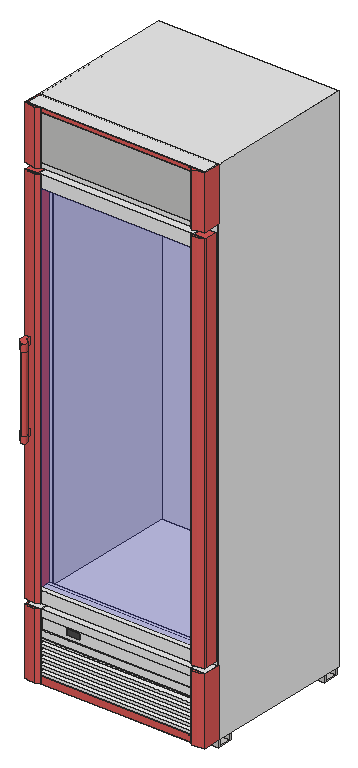
Revit family "QF_Turbo Air_TGF-15SD7251ca0a-3f40-4bdd-8ef8-a84e533e10a6", category Specialty Equipment, Revit 2012
Parameters (values of type "White - Wine")
  Width = 2' - 2 3/8"  # constant formula
  Weight in Pounds = 313  # constant formula
  Watermarked By = "http://revitwatermark.com"
  Volts = 115 V
  URL Cutsheet = ""
  URL = "www.turboairinc.com"
  Status [instance] = ""
  Specification by User [instance] = ""
  Specification by Manufacturer [instance] = ""
  Sign Material [instance] = QF_Finishes_Turbo Air Image
  Serial Number [instance] = ""
  Revision Code [instance] = ""
  Phase = 1
  Number of Poles [instance] = 1
  NAFEM Spec ID Number [instance] = ""
  Model = "TGF-15SDV"
  Masterspec [instance] = ""
  Manufacturer = "Turbo Air"  # constant formula
  Lower Door Frame Material = QF_Finishes_White
  Lower Cowl Frame Material = QF_Finishes_Anodized - Red
  Legs [instance] = not(Casters)  # yes
  Item Number [instance] = "-"
  Installed By [instance] = ""
  HP = "1/2"
  Furnished By [instance] = ""
  Foodservice Equipment Identifier = yes
  FL Amps = 7.5 A
  Electrical Remarks [instance] = ""
  Electric Connection Type [instance] = ""
  Elec Conn RI Height [instance] = 0' - 0"
  Elec Conn Connection Height [instance] = if(Casters, 0' 11", 0' 6")  # 0' - 6"
  Door Material = QF_Finishes_Anodized - Red
  Description = "Freezer Merchandiser"
  Depth = 2' - 0 3/8"  # constant formula
  Cycle = 60 Hz
  Conn Plug = "NEMA 5-15P"
  CasterLeg Height [instance] = if(Casters, 0' 5", 0' 0 1/2")  # 0' - 0 1/2"
  CSI MasterFormat = "11 41 13"
  Body Material = QF_Finishes_White
  Assembly Code = "E1090320"
  Apparent Power = if(Phase = 3, Volts * FL Amps * 1.73, Volts * FL Amps)  # 862.5 VA
  Casters [instance] = no
Types (4): name | Model | Lower Door Frame Material | Lower Cowl Frame Material | Door Material | Body Material
  (no name) | "TGF-15SDV" | QF_Finishes_White | QF_Finishes_Anodized - Red | QF_Finishes_Anodized - Red | QF_Finishes_White
  Black | "TGF-15SDB" | QF_Finishes_Black | QF_Finishes_Black | QF_Finishes_Black | QF_Finishes_Black
  White | "TGF-15SDW" | QF_Finishes_White | QF_Finishes_White | QF_Finishes_White | QF_Finishes_White
  White - Wine | "TGF-15SDV" | QF_Finishes_White | QF_Finishes_Anodized - Red | QF_Finishes_Anodized - Red | QF_Finishes_White
Reference planes (in)
  plane 1: z = 0
  plane 2 "LEFT": x = -20.72594
  plane 3 "RIGHT": x = 5.64906
  plane 4 "FRONT": y = -29.375
  plane 5 "BACK": y = -2.75
  plane 6 "Front of Door": y = -27.125
  plane 7 "Top of Door": z = 68.5
  plane 8 "Top of Lower Cowl": z = 11.375
  plane 9 "Front of Box": y = -24.75
  plane 10 "Bottom of Door": z = 12.125
  plane 11 "Bottom of Lower Cowl": z = 1.625
  plane 12 "Left of Vents": x = -18.53844
  plane 13 "Right of Vents": x = 3.46156
  plane 14 "Bottom": z = 0.5
  plane 15 "TOP": z = 77.25
  plane 16 "Bottom of Top Display": z = 69.375
Forms (in)
  Extrusion 1, solid, material "QF_Finishes_White" <- "Body Material"
    sketch origin (0, -2.75, 0) x (1, 0, 0) y (0, 0, 1)
      loop
        line (-20.72594, 1.625) -> (5.64906, 1.625) -> (5.64906, 77.25) -> (-20.72594, 77.25) -> (-20.72594, 1.625)
      loop
        line (-20.60094, 77.125) -> (-20.60094, 1.75) -> (5.52406, 1.75) -> (5.52406, 77.125) -> (-20.60094, 77.125)
    from 0 to 22
  Extrusion 2, solid, material "QF_Finishes_White" <- "Body Material"
    sketch origin (0, -2.75, 0) x (1, 0, 0) y (0, 0, 1)
      loop
        line (-20.60094, 77.125) -> (-20.60094, 1.75) -> (5.52406, 1.75) -> (5.52406, 77.125) -> (-20.60094, 77.125)
    from 0 to 0.125
  Extrusion 3, solid, material "QF_Finishes_White" <- "Body Material"
    sketch origin (0, -24.75, 0) x (1, 0, 0) y (0, 0, 1)
      loop
        line (-18.72594, 66.5) -> (-18.72594, 13.375) -> (3.64906, 13.375) -> (3.64906, 66.5) -> (-18.72594, 66.5)
      loop
        line (-20.60094, 77.125) -> (-20.60094, 1.75) -> (5.52406, 1.75) -> (5.52406, 77.125) -> (-20.60094, 77.125)
      loop
        line (3.46156, 11.375) -> (-18.53844, 11.375) -> (-18.53844, 2.625) -> (3.46156, 2.625) -> (3.46156, 11.375)
    from 0 to -0.125
  Extrusion 4, solid, material "QF_Finishes_White"
    sketch origin (-20.72594, 0, 0) x (0, 1, 0) y (0, 0, 1)
      loop
        line (-24.625, 11.5) -> (-2.875, 11.5) -> (-2.875, 77.125) -> (-24.625, 77.125) -> (-24.625, 66.5) -> (-22.75, 66.5) -> (-22.75, 75.25) -> (-4.75, 75.25) -> (-4.75, 13.375) -> (-24.625, 13.375) -> (-24.625, 11.5)
    from 0.125 to 26.25
  Extrusion 5, solid, material "QF_Finishes_White"
    sketch origin (-20.72594, 0, 0) x (0, 1, 0) y (0, 0, 1)
      loop
        line (-24.625, 13.375) -> (-4.75, 13.375) -> (-4.75, 75.25) -> (-22.75, 75.25) -> (-22.75, 66.5) -> (-24.625, 66.5) -> (-24.625, 13.375)
    from 0.125 to 2
  Extrusion 6, solid, material "QF_Finishes_White"
    sketch origin (5.64906, 0, 0) x (0, 1, 0) y (0, 0, 1)
      loop
        line (-24.625, 13.375) -> (-4.75, 13.375) -> (-4.75, 75.25) -> (-22.75, 75.25) -> (-22.75, 66.5) -> (-24.625, 66.5) -> (-24.625, 13.375)
    from -0.125 to -2
  Extrusion 7, solid, material "QF_Finishes_Black"
    sketch origin (0, -24.75, 0) x (1, 0, 0) y (0, 0, 1)
      loop
        line (-19.41344, 67.1875) -> (-19.41344, 12.6875) -> (4.33656, 12.6875) -> (4.33656, 67.1875) -> (-19.41344, 67.1875)
      loop
        line (-19.53844, 67.3125) -> (-19.53844, 12.5625) -> (4.46156, 12.5625) -> (4.46156, 67.3125) -> (-19.53844, 67.3125)
    from 0 to 0.4375
  Extrusion 8, solid, material "QF_Finishes_White" <- "Body Material"
    sketch origin (0, -2.75, 0) x (1, 0, 0) y (0, 0, 1)
      loop
        circle (-7.53844, 6) r 0.25
    from 0 to -0.0625
  Extrusion 9, solid, material "QF_Finishes_Anodized - Red" <- "Door Material"
    sketch origin (0, 0, 1.625) x (0, 1, 0) y (-1, 0, 0)
      loop
        line (-24.75, 20.72594) -> (-27.25, 20.72594)
        arc (-27.25, 20.72594) -> (-27.46771, 19.92526) -> (-27.5625, 19.10094) r 5.5
        line (-27.5625, 19.10094) -> (-27.1875, 18.53844) -> (-27.125, 18.53844) -> (-27.125, 20.60094) -> (-24.75, 20.60094) -> (-24.75, 20.72594)
    from 0 to 9.75
  Extrusion 10, solid, material "QF_Finishes_Anodized - Red" <- "Door Material"
    sketch origin (25.75, 0, 1.625) x (0, 1, 0) y (-1, 0, 0)
      loop
        line (-24.75, 20.10094) -> (-24.75, 20.22594) -> (-27.125, 20.22594) -> (-27.125, 22.28844) -> (-27.1875, 22.28844) -> (-27.5625, 21.72594)
        arc (-27.5625, 21.72594) -> (-27.46771, 20.90162) -> (-27.25, 20.10094) r 5.5
        line (-27.25, 20.10094) -> (-24.75, 20.10094)
    from 0 to 9.75
  Extrusion 11, solid, material "QF_Finishes_White" <- "Body Material"
    sketch origin (0, -24.75, 0) x (1, 0, 0) y (0, 0, 1)
      loop
        line (-18.53844, 11.375) -> (-18.53844, 10.375) -> (3.46156, 10.375) -> (3.46156, 11.375) -> (-18.53844, 11.375)
      loop
        line (-18.53844, 8.6875) -> (-18.53844, 7.6875) -> (3.46156, 7.6875) -> (3.46156, 8.6875) -> (-18.53844, 8.6875)
    from 0 to 2.375
  Extrusion 12, solid, material "QF_Finishes_White" <- "Body Material"
    sketch origin (0, -24.75, 0) x (1, 0, 0) y (0, 0, 1)
      loop
        line (-18.53844, 10.375) -> (-18.53844, 8.6875) -> (3.46156, 8.6875) -> (3.46156, 10.375) -> (-18.53844, 10.375)
      loop
        line (-14.97594, 9.125) -> (-13.03844, 9.125) -> (-13.03844, 9.9375) -> (-14.97594, 9.9375) -> (-14.97594, 9.125)
    from 0 to 2.125
  Extrusion 13, solid, material "QF_Finishes_Black"
    sketch origin (0, -24.75, 0) x (1, 0, 0) y (0, 0, 1)
      loop
        line (-14.97594, 9.9375) -> (-14.97594, 9.125) -> (-13.03844, 9.125) -> (-13.03844, 9.9375) -> (-14.97594, 9.9375)
    from 0 to 2.125
  Extrusion 14, solid, material "QF_Finishes_White" <- "Body Material"
    sketch origin (0, -24.75, 0) x (1, 0, 0) y (0, 0, 1)
      loop
        line (-20.60094, 11.375) -> (-20.60094, 1.625) -> (5.52406, 1.625) -> (5.52406, 11.375) -> (3.46156, 11.375) -> (3.46156, 2.625) -> (-18.53844, 2.625) -> (-18.53844, 11.375) -> (-20.60094, 11.375)
    from 0 to 2.375
  Extrusion 15, solid, material "QF_Finishes_Anodized - Red" <- "Lower Cowl Frame Material"
    sketch origin (0, -27.125, 0) x (1, 0, 0) y (0, 0, 1)
      loop
        line (-18.53844, 2.625) -> (-18.53844, 1.625) -> (3.46156, 1.625) -> (3.46156, 2.625) -> (-18.53844, 2.625)
    from 0 to 0.0625
  Extrusion 16, solid, material "QF_Finishes_White" <- "Body Material"
    sketch origin (-18.53844, 0, 0) x (0, 1, 0) y (0, 0, 1)
      loop
        line (-27.125, 2.6875) -> (-27, 2.6875) -> (-27, 3.01072) -> (-26.47411, 3.53661) -> (-26.5625, 3.625) -> (-27.125, 3.0625) -> (-27.125, 2.6875)
      loop
        line (-27.125, 3.625) -> (-27, 3.75) -> (-27, 3.94822) -> (-26.47411, 4.47411) -> (-26.5625, 4.5625) -> (-27.125, 4) -> (-27.125, 3.625)
      loop
        line (-27.125, 4.5625) -> (-27, 4.6875) -> (-27, 4.88572) -> (-26.47411, 5.41161) -> (-26.5625, 5.5) -> (-27.125, 4.9375) -> (-27.125, 4.5625)
      loop
        line (-27.125, 5.5) -> (-27, 5.625) -> (-27, 5.82322) -> (-26.47411, 6.34911) -> (-26.5625, 6.4375) -> (-27.125, 5.875) -> (-27.125, 5.5)
      loop
        line (-27.125, 6.4375) -> (-27, 6.5625) -> (-27, 6.76072) -> (-26.47411, 7.28661) -> (-26.47411, 7.625) -> (-27.125, 7.625) -> (-27.125, 7.375) -> (-26.5625, 7.375) -> (-27.125, 6.8125) -> (-27.125, 6.4375)
    from 0 to 22
  Extrusion 17, solid, material "QF_Finishes_Stainless Steel"
    sketch origin (-20.72594, 0, 0) x (0, 1, 0) y (0, 0, 1)
      loop
        line (-24.5625, 1.625) -> (-24.5625, 0.5) -> (-22.375, 0.5) -> (-22.375, 1.625) -> (-22.5, 1.625) -> (-22.5, 0.625) -> (-24.4375, 0.625) -> (-24.4375, 1.625) -> (-24.5625, 1.625)
      loop
        line (-5.125, 1.625) -> (-5.125, 0.5) -> (-2.9375, 0.5) -> (-2.9375, 1.625) -> (-3.0625, 1.625) -> (-3.0625, 0.625) -> (-5, 0.625) -> (-5, 1.625) -> (-5.125, 1.625)
    from 0.125 to 26.25
  Extrusion 18, solid, material "QF_Finishes_Stainless Steel", visible <- "Legs"
    sketch origin (0, 0, 0) x (1, 0, 0) y (0, 1, 0)
      loop
        circle (-18.41344, -4.03125) r 0.5625
      loop
        circle (-18.41344, -23.46875) r 0.5625
    from 0 to 0.5
  Extrusion 19, solid, material "QF_Finishes_Stainless Steel", visible <- "Legs"
    sketch origin (23.4375, 0, 0) x (1, 0, 0) y (0, 1, 0)
      loop
        circle (-20.10094, -4.03125) r 0.5625
      loop
        circle (-20.10094, -23.46875) r 0.5625
    from 0 to 0.5
  Extrusion 20, solid, material "QF_Finishes_Anodized - Red" <- "Door Material"
    sketch origin (0, 0, 69.375) x (0, 1, 0) y (-1, 0, 0)
      loop
        line (-24.75, 20.72594) -> (-27.25, 20.72594)
        arc (-27.25, 20.72594) -> (-27.46771, 19.92526) -> (-27.5625, 19.10094) r 5.5
        line (-27.5625, 19.10094) -> (-27.1875, 18.53844) -> (-27.125, 18.53844) -> (-27.125, 20.60094) -> (-24.75, 20.60094) -> (-24.75, 20.72594)
    from 0 to 7.875
  Extrusion 21, solid, material "QF_Finishes_Anodized - Red" <- "Door Material"
    sketch origin (0, 0, 69.375) x (0, 1, 0) y (-1, 0, 0)
      loop
        line (-24.75, -5.64906) -> (-24.75, -5.52406) -> (-27.125, -5.52406) -> (-27.125, -3.46156) -> (-27.1875, -3.46156) -> (-27.5625, -4.02406)
        arc (-27.5625, -4.02406) -> (-27.46771, -4.84838) -> (-27.25, -5.64906) r 5.5
        line (-27.25, -5.64906) -> (-24.75, -5.64906)
    from 0 to 7.875
  Extrusion 22, solid, material "QF_Finishes_White" <- "Body Material"
    sketch origin (0, -24.75, 80) x (1, 0, 0) y (0, 0, 1)
      loop
        line (-20.60094, -2.75) -> (-20.60094, -10.625) -> (5.52406, -10.625) -> (5.52406, -2.75) -> (-20.60094, -2.75)
      loop
        line (3.46156, -3.3125) -> (-18.53844, -3.3125) -> (-18.53844, -10.0625) -> (3.46156, -10.0625) -> (3.46156, -3.3125)
    from 0 to 2.375
  Extrusion 23, solid, material "QF_Finishes_Anodized - Red" <- "Lower Cowl Frame Material"
    sketch origin (0, -27.125, 78) x (1, 0, 0) y (0, 0, 1)
      loop
        line (-18.53844, -0.75) -> (-18.53844, -1.3125) -> (3.46156, -1.3125) -> (3.46156, -0.75) -> (-18.53844, -0.75)
    from 0 to 0.0625
  Extrusion 24, solid, material "QF_Finishes_Turbo Air Image" <- "Sign Material"
    sketch origin (0, -24.75, 0) x (1, 0, 0) y (0, 0, 1)
      loop
        line (-18.53844, 76.6875) -> (-18.53844, 69.9375) -> (3.46156, 69.9375) -> (3.46156, 76.6875) -> (-18.53844, 76.6875)
    from 0 to 2.375
Lines and regions (in)
  symbolic lines
    curve 1: line (-20.72594, -2.75, 0) -> (5.64906, -2.75, 0)
    curve 2: line (-20.72594, -24.75, 0) -> (-20.72594, -2.75, 0)
    curve 3: line (5.64906, -24.75, 0) -> (-20.72594, -24.75, 0)
    curve 4: line (5.64906, -2.75, 0) -> (5.64906, -24.75, 0)
    curve 5: line (-19.53844, -24.75, 0) -> (-19.53844, -25.1875, 0)
    curve 6: line (4.46156, -25.1875, 0) -> (4.46156, -24.75, 0)
  symbolic lines, style "QF_Clearances", detail levels coarse
    curve 7: line (5.64906, -53.5, 0) -> (5.64906, -27.125, 0)
    curve 8: arc (-20.72594, -27.125, 0) -> (-13.00088, -45.77494, 0) -> (5.64906, -53.5, 0) r 26.375
Dimensions and locks (in)
  "Width": plane 3 "RIGHT" to plane 2 "LEFT"
  "Depth": plane 6 "Front of Door" to plane 5 "BACK"
  locked: plane 4 "FRONT" to plane 6 "Front of Door" at 2.25
  locked: plane 6 "Front of Door" to plane 9 "Front of Box" at 2.375
  locked: Extrusion 1 sketch curve to plane 2 "LEFT" at 0.125
  locked: Extrusion 1 sketch curve to plane 3 "RIGHT" at 0.125
  locked: Extrusion 3 sketch curve to plane 2 "LEFT" at 2
  locked: plane 7 "Top of Door" to Extrusion 3 sketch curve at 2
  locked: Extrusion 3 sketch curve to plane 3 "RIGHT" at 2
  locked: Extrusion 3 sketch curve to plane 8 "Top of Lower Cowl" at 2
  locked: plane 9 "Front of Box" to Extrusion 4 sketch curve at 0.125  (x2)
  locked: Extrusion 4 sketch curve to plane 5 "BACK" at 0.125
  locked: plane 8 "Top of Lower Cowl" to Extrusion 4 sketch curve at 0.125
  locked: Extrusion 4 sketch curve to Extrusion 4 sketch curve at 1.875  (x4)
  locked: plane 9 "Front of Box" to Extrusion 5 sketch curve at 0.125
  locked: plane 7 "Top of Door" to Extrusion 5 sketch curve at 2
  locked: Extrusion 5 sketch curve to plane 5 "BACK" at 2
  locked: plane 8 "Top of Lower Cowl" to Extrusion 5 sketch curve at 2
  locked: plane 7 "Top of Door" to Extrusion 6 sketch curve at 2
  locked: plane 8 "Top of Lower Cowl" to Extrusion 6 sketch curve at 2
  locked: Extrusion 6 sketch curve to plane 5 "BACK" at 2
  locked: plane 9 "Front of Box" to Extrusion 6 sketch curve at 0.125
  locked: Extrusion 7 sketch curve to Extrusion 7 sketch curve at 0.125  (x4)
  locked: Extrusion 7 sketch curve to plane 8 "Top of Lower Cowl" at 1.1875
  locked: Extrusion 7 sketch curve to plane 2 "LEFT" at 1.1875
  locked: plane 7 "Top of Door" to Extrusion 7 sketch curve at 1.1875
  locked: Extrusion 7 sketch curve to plane 3 "RIGHT" at 1.1875
  locked: plane 10 "Bottom of Door" to plane 8 "Top of Lower Cowl" at 0.75
  locked: plane 8 "Top of Lower Cowl" to plane 11 "Bottom of Lower Cowl" at 9.75
  locked: Extrusion 1 sketch curve to plane 11 "Bottom of Lower Cowl" at 0.125
  locked: plane 2 "LEFT" to plane 12 "Left of Vents" at 2.1875
  locked: plane 13 "Right of Vents" to plane 3 "RIGHT" at 2.1875
  locked: Extrusion 9 sketch curve to plane 6 "Front of Door" at 0.0625
  locked: Extrusion 9 sketch curve to plane 6 "Front of Door" at 0.125
  locked: Extrusion 9 sketch curve to plane 6 "Front of Door" at 0.4375
  locked: plane 2 "LEFT" to Extrusion 9 sketch curve at 1.625
  locked: Extrusion 10 sketch curve to plane 6 "Front of Door" at 0.125
  locked: Extrusion 10 sketch curve to plane 6 "Front of Door" at 0.0625
  locked: Extrusion 10 sketch curve to plane 6 "Front of Door" at 0.4375
  locked: Extrusion 10 sketch curve to plane 3 "RIGHT" at 1.625
  locked: plane 8 "Top of Lower Cowl" to Extrusion 11 sketch curve at 1
  locked: Extrusion 11 sketch curve to Extrusion 11 sketch curve at 1.6875
  locked: Extrusion 11 sketch curve to Extrusion 11 sketch curve at 1
  locked: plane 8 "Top of Lower Cowl" to Extrusion 12 sketch curve at 1
  locked: Extrusion 12 sketch curve to Extrusion 12 sketch curve at 1.6875
  locked: Extrusion 12 sketch curve to Extrusion 12 sketch curve at 0.4375
  locked: Extrusion 12 sketch curve to Extrusion 12 sketch curve at 0.8125
  locked: Extrusion 12 sketch curve to plane 12 "Left of Vents" at 3.5625
  locked: Extrusion 12 sketch curve to Extrusion 12 sketch curve at 1.9375
  locked: plane 8 "Top of Lower Cowl" to Extrusion 13 sketch curve at 1.4375
  locked: Extrusion 13 sketch curve to Extrusion 13 sketch curve at 0.8125
  locked: Extrusion 13 sketch curve to plane 12 "Left of Vents" at 3.5625
  locked: Extrusion 13 sketch curve to Extrusion 13 sketch curve at 1.9375
  locked: Extrusion 3 sketch curve to plane 11 "Bottom of Lower Cowl" at 0.125
  locked: Extrusion 3 sketch curve to plane 11 "Bottom of Lower Cowl" at 1
  locked: Extrusion 14 sketch curve to plane 11 "Bottom of Lower Cowl" at 1
  locked: Extrusion 15 sketch curve to plane 11 "Bottom of Lower Cowl" at 1
  locked: plane 2 "LEFT" to Extrusion 14 sketch curve at 0.125
  locked: plane 3 "RIGHT" to Extrusion 14 sketch curve at 0.125
  locked: plane 2 "LEFT" to Extrusion 9 sketch curve at 0.125
  locked: Extrusion 10 sketch curve to plane 3 "RIGHT" at 0.125
  locked: plane 11 "Bottom of Lower Cowl" to plane 14 "Bottom" at 1.125
  "CasterLeg Height": plane 14 "Bottom" to level
  locked: plane 7 "Top of Door" to plane 10 "Bottom of Door" at 56.375
  locked: Extrusion 17 sketch curve to Extrusion 17 sketch curve at 0.125  (x4)
  locked: plane 9 "Front of Box" to Extrusion 17 sketch curve at 0.1875
  locked: plane 14 "Bottom" to Extrusion 17 sketch curve at 0.125  (x2)
  locked: Extrusion 17 sketch curve to plane 5 "BACK" at 0.1875
  locked: Extrusion 17 sketch curve to Extrusion 17 sketch curve at 1.9375  (x2)
  locked: plane 2 "LEFT" to Extrusion 17 at 0.125
  locked: plane 3 "RIGHT" to Extrusion 17 at 0.125
  locked: Extrusion 18 sketch curve to plane 5 "BACK" at 1.28125
  locked: plane 2 "LEFT" to Extrusion 18 sketch curve at 2.3125  (x2)
  locked: plane 9 "Front of Box" to Extrusion 18 sketch curve at 1.28125
  locked: Extrusion 19 sketch curve to plane 5 "BACK" at 1.28125
  locked: Extrusion 19 sketch curve to plane 3 "RIGHT" at 2.3125  (x2)
  locked: plane 9 "Front of Box" to Extrusion 19 sketch curve at 1.28125
  locked: plane 2 "LEFT" to nested 2 at 2.3125
  locked: nested 2 to plane 5 "BACK" at 1.28125
  locked: nested 3 to plane 5 "BACK" at 1.28125
  locked: nested 3 to plane 3 "RIGHT" at 2.3125
  locked: plane 9 "Front of Box" to nested 4 at 1.28125
  locked: plane 2 "LEFT" to nested 4 at 2.3125
  locked: nested 5 to plane 3 "RIGHT" at 2.3125
  locked: plane 9 "Front of Box" to nested 5 at 1.28125
  equal spacing: plane 3 "RIGHT", Extrusion 8 sketch curve, plane 2 "LEFT"
  locked: Extrusion 8 sketch curve to plane 14 "Bottom" at 5.5
  locked: plane 15 "TOP" to plane 16 "Bottom of Top Display" at 7.875
  locked: plane 16 "Bottom of Top Display" to plane 7 "Top of Door" at 0.875
  locked: plane 15 "TOP" to Extrusion 1 sketch curve at 0.125
  locked: Extrusion 4 sketch curve to plane 15 "TOP" at 0.125
  locked: Extrusion 4 sketch curve to plane 7 "Top of Door" at 2
  locked: plane 9 "Front of Box" to Extrusion 6 sketch curve at 2
  locked: Extrusion 6 sketch curve to plane 15 "TOP" at 2
  locked: plane 9 "Front of Box" to Extrusion 5 sketch curve at 2
  locked: plane 15 "TOP" to Extrusion 5 sketch curve at 2
  locked: Extrusion 22 sketch curve to plane 16 "Bottom of Top Display" at 0.5625
  locked: plane 15 "TOP" to Extrusion 22 sketch curve at 0.5625
  locked: plane 2 "LEFT" to Extrusion 22 sketch curve at 0.125
  locked: plane 3 "RIGHT" to Extrusion 22 sketch curve at 0.125
  locked: plane 15 "TOP" to Extrusion 23 sketch curve at 0.5625
  locked: plane 15 "TOP" to Extrusion 24 sketch curve at 0.5625
  locked: Extrusion 24 sketch curve to plane 16 "Bottom of Top Display" at 0.5625
  aligned and locked: level to plane 1
  aligned and locked: Extrusion 1 sketch curve to plane 3 "RIGHT"
  aligned and locked: plane 2 "LEFT" to Extrusion 1 sketch curve
  aligned and locked: plane 9 "Front of Box" to Extrusion 1
  aligned and locked: Extrusion 2 sketch curve to Extrusion 1  (x2)
  aligned and locked: Extrusion 3 sketch curve to Extrusion 1  (x2)
  aligned and locked: Extrusion 4 to Extrusion 1  (x2)
  aligned and locked: Extrusion 5 to Extrusion 1
  aligned and locked: Extrusion 1 to Extrusion 6
  aligned and locked: plane 2 "LEFT" to nested 1
  aligned and locked: plane 3 "RIGHT" to nested 1
  aligned and locked: plane 5 "BACK" to curve 1
  aligned and locked: plane 2 "LEFT" to curve 2
  aligned and locked: curve 3 to plane 9 "Front of Box"
  aligned and locked: curve 4 to plane 3 "RIGHT"
  aligned and locked: curve 5 to Extrusion 7
  aligned and locked: curve 6 to Extrusion 7
  aligned and locked: nested 1 to plane 10 "Bottom of Door"
  aligned and locked: plane 11 "Bottom of Lower Cowl" to Extrusion 1 sketch curve
  aligned and locked: Extrusion 9 sketch curve to plane 2 "LEFT"
  aligned and locked: plane 6 "Front of Door" to Extrusion 9 sketch curve
  aligned and locked: Extrusion 9 sketch curve to plane 12 "Left of Vents"
  aligned and locked: Extrusion 10 sketch curve to plane 3 "RIGHT"
  aligned and locked: Extrusion 10 sketch curve to plane 6 "Front of Door"
  aligned and locked: Extrusion 10 sketch curve to plane 13 "Right of Vents"
  aligned and locked: plane 8 "Top of Lower Cowl" to Extrusion 9
  aligned and locked: plane 8 "Top of Lower Cowl" to Extrusion 10
  aligned and locked: plane 8 "Top of Lower Cowl" to Extrusion 11 sketch curve
  aligned and locked: Extrusion 11 sketch curve to plane 12 "Left of Vents"
  aligned and locked: plane 12 "Left of Vents" to Extrusion 11 sketch curve
  aligned and locked: Extrusion 11 sketch curve to plane 13 "Right of Vents"
  aligned and locked: plane 13 "Right of Vents" to Extrusion 11 sketch curve
  aligned and locked: plane 6 "Front of Door" to Extrusion 11
  aligned and locked: plane 12 "Left of Vents" to Extrusion 12 sketch curve
  aligned and locked: Extrusion 12 sketch curve to plane 13 "Right of Vents"
  aligned and locked: plane 8 "Top of Lower Cowl" to Extrusion 3 sketch curve
  aligned and locked: Extrusion 3 sketch curve to plane 12 "Left of Vents"
  aligned and locked: Extrusion 3 sketch curve to plane 13 "Right of Vents"
  aligned and locked: plane 8 "Top of Lower Cowl" to Extrusion 14 sketch curve  (x2)
  aligned and locked: Extrusion 14 sketch curve to plane 11 "Bottom of Lower Cowl"
  aligned and locked: Extrusion 14 sketch curve to plane 13 "Right of Vents"
  aligned and locked: plane 6 "Front of Door" to Extrusion 14
  aligned and locked: plane 11 "Bottom of Lower Cowl" to Extrusion 15 sketch curve
  aligned and locked: plane 12 "Left of Vents" to Extrusion 15 sketch curve
  aligned and locked: Extrusion 15 sketch curve to plane 13 "Right of Vents"
  aligned and locked: plane 13 "Right of Vents" to Extrusion 16
  aligned and locked: plane 9 "Front of Box" to Extrusion 9 sketch curve
  aligned and locked: plane 9 "Front of Box" to Extrusion 10 sketch curve
  aligned and locked: Extrusion 17 sketch curve to plane 11 "Bottom of Lower Cowl"  (x4)
  aligned and locked: Extrusion 17 sketch curve to plane 14 "Bottom"  (x2)
  aligned and locked: plane 14 "Bottom" to Extrusion 18
  aligned and locked: plane 14 "Bottom" to Extrusion 19
  aligned and locked: Extrusion 1 sketch curve to plane 15 "TOP"
  aligned and locked: plane 15 "TOP" to Extrusion 22 sketch curve
  aligned and locked: Extrusion 22 sketch curve to plane 16 "Bottom of Top Display"
  aligned and locked: plane 12 "Left of Vents" to Extrusion 22 sketch curve
  aligned and locked: Extrusion 22 sketch curve to plane 13 "Right of Vents"
  aligned and locked: plane 15 "TOP" to Extrusion 20
  aligned and locked: plane 6 "Front of Door" to Extrusion 22
  aligned and locked: plane 12 "Left of Vents" to Extrusion 23 sketch curve
  aligned and locked: Extrusion 23 sketch curve to plane 15 "TOP"
  aligned and locked: Extrusion 23 sketch curve to plane 13 "Right of Vents"
  aligned and locked: plane 12 "Left of Vents" to Extrusion 24 sketch curve
  aligned and locked: Extrusion 24 to plane 9 "Front of Box"
  aligned and locked: plane 13 "Right of Vents" to Extrusion 24
Automatic sketch dimensions
  curve 8 to plane 2 "LEFT" = 0' - 0"
  curve 7 to plane 3 "RIGHT" = 0' - 0"
  plane 6 "Front of Door" to curve 7 = 0' - 0"
  plane 6 "Front of Door" to curve 8 = 0' - 0"
  plane 9 "Front of Box" to curve 5 = 0' - 0 7/16"
  plane 9 "Front of Box" to curve 6 = 0' - 0 7/16"
  plane 11 "Bottom of Lower Cowl" to Extrusion 2 sketch curve = 0' - 0 1/8"
  Extrusion 2 sketch curve to plane 15 "TOP" = 0' - 0 1/8"
  Extrusion 3 sketch curve to plane 15 "TOP" = 0' - 0 1/8"
  Extrusion 9 sketch curve to plane 12 "Left of Vents" = 0' - 0.34816"
  plane 13 "Right of Vents" to Extrusion 10 sketch curve = 0' - 0.34816"
  Extrusion 14 sketch curve to plane 12 "Left of Vents" = 0' - 0"
  Extrusion 16 sketch curve to plane 6 "Front of Door" = 0' - 0"  (x6)
  Extrusion 16 sketch curve to plane 6 "Front of Door" = 0' - 0 1/8"  (x5)
  Extrusion 16 sketch curve to Extrusion 16 sketch curve = 0' - 0 7/16"  (x4)
  Extrusion 16 sketch curve to plane 6 "Front of Door" = 0' - 0 9/16"
  Extrusion 16 sketch curve to Extrusion 16 sketch curve = 0' - 0.08839"  (x5)
  plane 11 "Bottom of Lower Cowl" to Extrusion 16 sketch curve = 0' - 1 1/16"
  Extrusion 16 sketch curve to Extrusion 16 sketch curve = 0' - 0.32322"
  Extrusion 16 sketch curve to Extrusion 16 sketch curve = 0' - 0.05178"  (x5)
  Extrusion 16 sketch curve to Extrusion 16 sketch curve = 0' - 0"  (x2)
  Extrusion 16 sketch curve to Extrusion 16 sketch curve = 0' - 0 1/8"  (x4)
  Extrusion 16 sketch curve to Extrusion 16 sketch curve = 0' - 0.19822"  (x4)
  Extrusion 16 sketch curve to Extrusion 16 sketch curve = 0' - 0 9/16"  (x3)
  Extrusion 16 sketch curve to Extrusion 16 sketch curve = 0' - 0.52589"
  Extrusion 16 sketch curve to Extrusion 16 sketch curve = 0' - 0 1/4"
  Extrusion 20 sketch curve to plane 2 "LEFT" = 0' - 0"
  Extrusion 20 sketch curve to plane 12 "Left of Vents" = 0' - 0"
  plane 6 "Front of Door" to Extrusion 20 sketch curve = 0' - 0"
  plane 9 "Front of Box" to Extrusion 20 sketch curve = 0' - 0"
  Extrusion 20 sketch curve to Extrusion 20 sketch curve = 0' - 0 1/16"
  plane 6 "Front of Door" to Extrusion 20 sketch curve = 0' - 0 1/8"
  plane 6 "Front of Door" to Extrusion 20 sketch curve = 0' - 0 7/16"
  Extrusion 20 sketch curve to plane 12 "Left of Vents" = 0' - 0.34816"
  Extrusion 20 sketch curve to plane 9 "Front of Box" = 0' - 2.68332"
  Extrusion 20 sketch curve to Extrusion 20 sketch curve = 0' - 0 1/8"
  Extrusion 21 sketch curve to plane 3 "RIGHT" = 0' - 0"
  Extrusion 21 sketch curve to plane 13 "Right of Vents" = 0' - 0"
  plane 6 "Front of Door" to Extrusion 21 sketch curve = 0' - 0"
  plane 9 "Front of Box" to Extrusion 21 sketch curve = 0' - 0"
  Extrusion 21 sketch curve to Extrusion 21 sketch curve = 0' - 0 1/16"
  plane 6 "Front of Door" to Extrusion 21 sketch curve = 0' - 0 1/8"
  plane 6 "Front of Door" to Extrusion 21 sketch curve = 0' - 0 7/16"
  plane 13 "Right of Vents" to Extrusion 21 sketch curve = 0' - 0.34816"
  Extrusion 21 sketch curve to plane 9 "Front of Box" = 0' - 2.68332"
  Extrusion 21 sketch curve to plane 3 "RIGHT" = 0' - 0 1/8"
  plane 13 "Right of Vents" to Extrusion 24 sketch curve = 0' - 0"
  radius of Extrusion 8 sketch curve = 0' - 0 1/4"
  radius of Extrusion 18 sketch curve = 0' - 0 9/16"  (x2)
  radius of Extrusion 19 sketch curve = 0' - 0 9/16"  (x2)
Nested families (in)
  nested 1: "QF_Turbo Air_RI_Merch-Door" at (-5.54927, -25.1875, 12.125), Handle Material <- "Door Material", Door Frame Top Material <- "Body Material", Door Frame Sides Material <- "Door Material", Door Frame Bottom Material <- "Lower Door Frame Material", type "QF_Turbo Air_RI_Merch-Door"
    with Width 2' - 2 3/8", Symbolic Lines yes, Height 4' - 8 3/8", Handle Material QF_Finishes_Anodized - Red, Door Frame Top Material QF_Finishes_White, Door Frame Sides Material QF_Finishes_Anodized - Red, Door Frame Bottom Material QF_Finishes_White, Depth 0' - 1 15/16", CL Handle Height 2' - 4 3/16"
  nested 2: "FESCasterLeg" at (-18.41344, -4.03125, 0), Casters <- "Casters", type "FESCasterLeg"
    with Legs no, Height 0' - 5", Casters no, Caster Radius 0' - 2"
  nested 3: "FESCasterLeg" at (3.33656, -4.03125, 0), Casters <- "Casters", type "FESCasterLeg"
    with Legs no, Height 0' - 5", Casters no, Caster Radius 0' - 2"
  nested 4: "FESCasterLeg" at (-18.41344, -23.46875, 0), Casters <- "Casters", type "FESCasterLeg"
    with Legs no, Height 0' - 5", Casters no, Caster Radius 0' - 2"
  nested 5: "FESCasterLeg" at (3.33656, -23.46875, 0), Casters <- "Casters", type "FESCasterLeg"
    with Legs no, Height 0' - 5", Casters no, Caster Radius 0' - 2"
Connectors (in)
  electrical at (-7.53844, -2.6875, 6), driven by "Number of Poles", driven by "Volts", driven by "Apparent Power"
    settings: on Extrusion 8, index 1, voltage 115 V, apparent load 862.5 VA, apparent load phase1 0 VA, apparent load phase2 0 VA, apparent load phase3 0 VA, power factor 1, load classification "Other", number of poles 1, system type 30, power factor state 1, is connector primary yes, connector utility no, sub classification motor no, connector description "Electric"
Definition of nested family "QF_Turbo Air_RI_Merch-Door"
  Parameters (values of type "QF_Turbo Air_RI_Merch-Door")
    Width [instance] = 2' - 1"
    Watermarked By = "http://revitwatermark.com"
    Symbolic Lines [instance] = yes
    Manufacturer = "Turbo Air"  # constant formula
    Height [instance] = 2' - 6 1/2"
    Handle Material [instance] = QF_Finishes_Stainless Steel
    Door Frame Top Material [instance] = QF_Finishes_Stainless Steel
    Door Frame Sides Material [instance] = QF_Finishes_Stainless Steel
    Door Frame Bottom Material [instance] = QF_Finishes_Stainless Steel
    Depth [instance] = 0' - 1 15/16"
    CL Handle Height [instance] = 1' - 3 3/16"
  Reference planes (in)
    plane 1 "BACK": y = 0
    plane 2: z = 0
    plane 3 "LEFT": x = -15.17667
    plane 4: x = 9.82333
    plane 5 "FRONT": y = -1.9375
    plane 6: z = 30.5
    plane 7 "Top of Handle": z = 21.6875
    plane 8 "Bottom of Handle": z = 8.6875
    plane 9 "Center of Handle": z = 15.1875
    plane 10: x = -13.36417
    plane 11: x = 8.01083
    plane 12: z = 28.6875
    plane 13: z = 1.8125
    plane 14: z = 20.6875
    plane 15: z = 9.6875
  Forms (in)
    Extrusion 1, solid, material "QF_Finishes_Stainless Steel" <- "Door Frame Sides Material"
      sketch origin (0, 0, 0) x (1, 0, 0) y (0, 0, 1)
        loop
          line (-15.17667, 30.5) -> (-15.17667, 0) -> (-13.36417, 0) -> (-13.36417, 30.5) -> (-15.17667, 30.5)
        loop
          line (9.82333, 0) -> (9.82333, 30.5) -> (8.01083, 30.5) -> (8.01083, 0) -> (9.82333, 0)
      from 0 to 1.9375
    Extrusion 2, solid, material "QF_Finishes_Glass"
      sketch origin (0, 0, 0) x (1, 0, 0) y (0, 0, 1)
        loop
          line (-13.36417, 28.6875) -> (-13.36417, 1.8125) -> (8.01083, 1.8125) -> (8.01083, 28.6875) -> (-13.36417, 28.6875)
      from 0.5 to 1.4375
    Extrusion 3, solid, material "QF_Finishes_Stainless Steel" <- "Handle Material"
      sketch origin (0, 0, 8.6875) x (0, 1, 0) y (-1, 0, 0)
        loop
          circle (-3.8125, 13.92667) r 0.375
      from 1 to 12
    Extrusion 4, solid, material "QF_Finishes_Stainless Steel" <- "Handle Material"
      sketch origin (0, 0, 8.6875) x (0, 1, 0) y (-1, 0, 0)
        loop
          line (-1.9375, 14.86417) -> (-3.25, 14.86417)
          arc (-3.25, 14.86417) -> (-3.39351, 14.83562) -> (-3.51517, 14.75433) r 0.375
          line (-3.51517, 14.75433) -> (-4.07767, 14.19183)
          arc (-4.07767, 14.19183) -> (-4.07767, 13.6615) -> (-3.54733, 13.6615) r 0.375
          line (-3.54733, 13.6615) -> (-2.90717, 14.30167) -> (-1.9375, 14.30167) -> (-1.9375, 14.86417)
      from 0 to 1
    Extrusion 5, solid, material "QF_Finishes_Stainless Steel" <- "Handle Material"
      sketch origin (0, 0, 21.6875) x (0, 1, 0) y (-1, 0, 0)
        loop
          line (-1.9375, 14.86417) -> (-3.25, 14.86417)
          arc (-3.25, 14.86417) -> (-3.39351, 14.83562) -> (-3.51517, 14.75433) r 0.375
          line (-3.51517, 14.75433) -> (-4.07767, 14.19183)
          arc (-4.07767, 14.19183) -> (-4.07767, 13.6615) -> (-3.54733, 13.6615) r 0.375
          line (-3.54733, 13.6615) -> (-2.90717, 14.30167) -> (-1.9375, 14.30167) -> (-1.9375, 14.86417)
      from 0 to -1
    Extrusion 6, solid, material "QF_Finishes_Stainless Steel" <- "Door Frame Top Material"
      sketch origin (0, 0, 0) x (1, 0, 0) y (0, 0, 1)
        loop
          line (-13.36417, 30.5) -> (-13.36417, 28.6875) -> (8.01083, 28.6875) -> (8.01083, 30.5) -> (-13.36417, 30.5)
      from 0 to 1.9375
    Extrusion 7, solid, material "QF_Finishes_Stainless Steel" <- "Door Frame Bottom Material"
      sketch origin (0, 0, 0) x (1, 0, 0) y (0, 0, 1)
        loop
          line (-13.36417, 1.8125) -> (-13.36417, 0) -> (8.01083, 0) -> (8.01083, 1.8125) -> (-13.36417, 1.8125)
      from 0 to 1.9375
    Extrusion 8, solid, material "QF_Finishes_Stainless Steel" <- "Door Frame Sides Material"
      sketch origin (0, 0, 0) x (1, 0, 0) y (0, 1, 0)
        loop
          line (-15.17667, -1.9375) -> (-15.17667, -2.0625)
          arc (-15.17667, -2.0625) -> (-14.37599, -2.28021) -> (-13.55167, -2.375) r 5.5
          line (-13.55167, -2.375) -> (-12.98917, -2) -> (-12.98917, -1.9375) -> (-15.17667, -1.9375)
      from 0 to 30.5
    Extrusion 9, solid, material "QF_Finishes_Stainless Steel" <- "Door Frame Sides Material"
      sketch origin (25, 0, 0) x (1, 0, 0) y (0, 1, 0)
        loop
          line (-15.17667, -1.9375) -> (-17.36417, -1.9375) -> (-17.36417, -2) -> (-16.80167, -2.375)
          arc (-16.80167, -2.375) -> (-15.97735, -2.28021) -> (-15.17667, -2.0625) r 5.5
          line (-15.17667, -2.0625) -> (-15.17667, -1.9375)
      from 0 to 30.5
  Lines and regions (in)
    symbolic lines, visible <- "Symbolic Lines"
      curve 1: line (-15.17667, 0, 8.6875) -> (9.82333, 0, 8.6875)
      curve 2: line (-15.17667, -1.9375, 8.6875) -> (-15.17667, 0, 8.6875)
      curve 3: line (9.82333, -1.9375, 8.6875) -> (-15.17667, -1.9375, 8.6875)
      curve 4: line (9.82333, 0, 8.6875) -> (9.82333, -1.9375, 8.6875)
      curve 11: line (-15.17667, -1.9375, 0) -> (-15.17667, -2.0625, 0)
      curve 12: arc (-15.17667, -2.0625, 0) -> (-14.37599, -2.28021, 0) -> (-13.55167, -2.375, 0) r 5.5
      curve 13: line (-13.55167, -2.375, 0) -> (-12.98917, -2, 0)
      curve 14: line (-12.98917, -2, 0) -> (-12.98917, -1.9375, 0)
      curve 15: line (7.63583, -1.9375, 0) -> (7.63583, -2, 0)
      curve 16: line (7.63583, -2, 0) -> (8.19833, -2.375, 0)
      curve 17: arc (8.19833, -2.375, 0) -> (9.02265, -2.28021, 0) -> (9.82333, -2.0625, 0) r 5.5
      curve 18: line (9.82333, -2.0625, 0) -> (9.82333, -1.9375, 0)
    symbolic lines
      curve 5: line (-14.86417, -2.163, 8.6875) -> (-14.86417, -3.25, 8.6875)
      curve 6: arc (-14.86417, -3.25, 8.6875) -> (-14.83562, -3.39351, 8.6875) -> (-14.75433, -3.51517, 8.6875) r 0.375
      curve 7: line (-14.75433, -3.51517, 8.6875) -> (-14.19183, -4.07767, 8.6875)
      curve 8: arc (-14.19183, -4.07767, 8.6875) -> (-13.6615, -4.07767, 8.6875) -> (-13.6615, -3.54733, 8.6875) r 0.375
      curve 9: line (-13.6615, -3.54733, 8.6875) -> (-14.30167, -2.90717, 8.6875)
      curve 10: line (-14.30167, -2.90717, 8.6875) -> (-14.30167, -2.29398, 8.6875)
  Dimensions and locks (in)
    "Width": plane 4 to plane 3 "LEFT"
    "Depth": plane 5 "FRONT" to plane 1 "BACK"
    "Height": plane 6 to plane 2
    locked: plane 7 "Top of Handle" to plane 8 "Bottom of Handle" at 13
    equal spacing: plane 7 "Top of Handle", plane 9 "Center of Handle", plane 8 "Bottom of Handle"
    locked: plane 13 to level at 1.8125
    locked: plane 6 to plane 12 at 1.8125
    locked: plane 3 "LEFT" to plane 10 at 1.8125
    locked: plane 11 to plane 4 at 1.8125
    locked: plane 1 "BACK" to Extrusion 2 at 0.5
    locked: Extrusion 2 to plane 5 "FRONT" at 0.5
    "CL Handle Height": plane 9 "Center of Handle" to level
    locked: plane 7 "Top of Handle" to plane 14 at 1
    locked: plane 15 to plane 8 "Bottom of Handle" at 1
    locked: plane 3 "LEFT" to Extrusion 3 sketch curve at 1.25
    locked: Extrusion 3 sketch curve to plane 5 "FRONT" at 1.875
    locked: Extrusion 4 sketch curve to Extrusion 4 sketch curve at 0.5625
    locked: plane 3 "LEFT" to Extrusion 4 sketch curve at 0.3125
    locked: Extrusion 4 sketch curve to plane 5 "FRONT" at 1.3125
    locked: Extrusion 4 sketch curve to plane 5 "FRONT" at 0.96967
    locked: Extrusion 4 sketch curve to plane 5 "FRONT" at 1.57767
    locked: plane 3 "LEFT" to Extrusion 4 sketch curve at 0.42233
    locked: Extrusion 5 sketch curve to Extrusion 5 sketch curve at 0.5625
    locked: plane 3 "LEFT" to Extrusion 8 sketch curve at 2.1875
    locked: Extrusion 8 sketch curve to plane 5 "FRONT" at 0.125
    locked: Extrusion 8 sketch curve to plane 5 "FRONT" at 0.0625
    locked: plane 3 "LEFT" to Extrusion 8 sketch curve at 1.625
    locked: Extrusion 8 sketch curve to plane 5 "FRONT" at 0.4375
    locked: Extrusion 9 sketch curve to plane 4 at 2.1875
    locked: Extrusion 9 sketch curve to plane 4 at 1.625
    locked: Extrusion 9 sketch curve to plane 5 "FRONT" at 0.0625
    locked: Extrusion 9 sketch curve to plane 5 "FRONT" at 0.4375
    locked: Extrusion 9 sketch curve to plane 5 "FRONT" at 0.125
    aligned and locked: level to plane 2
    aligned and locked: Extrusion 1 sketch curve to plane 6
    aligned and locked: plane 3 "LEFT" to Extrusion 1 sketch curve
    aligned and locked: level to Extrusion 1 sketch curve
    aligned and locked: Extrusion 1 sketch curve to plane 4
    aligned and locked: plane 5 "FRONT" to Extrusion 1
    aligned and locked: plane 10 to Extrusion 1 sketch curve
    aligned and locked: Extrusion 1 sketch curve to plane 11
    aligned and locked: Extrusion 2 sketch curve to plane 12
    aligned and locked: plane 10 to Extrusion 2 sketch curve
    aligned and locked: Extrusion 2 sketch curve to plane 11
    aligned and locked: plane 13 to Extrusion 2 sketch curve
    aligned and locked: plane 3 "LEFT" to curve 2
    aligned and locked: plane 1 "BACK" to curve 1
    aligned and locked: curve 4 to plane 4
    aligned and locked: curve 3 to plane 5 "FRONT"
    aligned and locked: Extrusion 3 to plane 15
    aligned and locked: plane 14 to Extrusion 3
    aligned and locked: Extrusion 4 sketch curve to Extrusion 3
    aligned and locked: plane 5 "FRONT" to Extrusion 4 sketch curve
    aligned and locked: plane 15 to Extrusion 4
    aligned and locked: Extrusion 5 to plane 14
    aligned and locked: Extrusion 5 to curve 5
    aligned and locked: curve 6 to Extrusion 5
    aligned and locked: curve 8 to Extrusion 5
    aligned and locked: curve 10 to Extrusion 5
    aligned and locked: Extrusion 6 sketch curve to plane 6
    aligned and locked: plane 12 to Extrusion 6 sketch curve
    aligned and locked: Extrusion 6 sketch curve to plane 11
    aligned and locked: plane 10 to Extrusion 6 sketch curve
    aligned and locked: plane 5 "FRONT" to Extrusion 6
    aligned and locked: Extrusion 7 sketch curve to plane 13
    aligned and locked: level to Extrusion 7 sketch curve
    aligned and locked: Extrusion 7 sketch curve to plane 11
    aligned and locked: plane 10 to Extrusion 7 sketch curve
    aligned and locked: plane 5 "FRONT" to Extrusion 7
    aligned and locked: plane 5 "FRONT" to Extrusion 8 sketch curve
    aligned and locked: Extrusion 8 sketch curve to plane 3 "LEFT"
    aligned and locked: plane 6 to Extrusion 8
    aligned and locked: Extrusion 9 sketch curve to plane 5 "FRONT"
    aligned and locked: Extrusion 9 sketch curve to plane 4
    aligned and locked: plane 6 to Extrusion 9
    aligned and locked: curve 11 to Extrusion 8
    aligned and locked: curve 12 to Extrusion 8
    aligned and locked: curve 13 to Extrusion 8
    aligned and locked: curve 14 to Extrusion 8
    aligned and locked: curve 15 to Extrusion 9
    aligned and locked: curve 16 to Extrusion 9
    aligned and locked: curve 17 to Extrusion 9
    aligned and locked: curve 18 to Extrusion 9
  Automatic sketch dimensions
    plane 10 to Extrusion 8 sketch curve = 0' - 0.02684"
    Extrusion 1 sketch curve to level = 0' - 0"
    Extrusion 1 sketch curve to plane 6 = 0' - 0"
    Extrusion 4 sketch curve to Extrusion 4 sketch curve = 0' - 0.26517"
    Extrusion 4 sketch curve to plane 10 = 0' - 0.29733"
    plane 5 "FRONT" to Extrusion 5 sketch curve = 0' - 0"
    plane 5 "FRONT" to Extrusion 5 sketch curve = 0' - 0.96967"
    plane 3 "LEFT" to Extrusion 5 sketch curve = 0' - 0 5/16"
    Extrusion 5 sketch curve to Extrusion 5 sketch curve = 0' - 0.34283"
    plane 3 "LEFT" to Extrusion 5 sketch curve = 0' - 0.42233"
    Extrusion 5 sketch curve to Extrusion 5 sketch curve = 0' - 0.26517"  (x4)
    Extrusion 5 sketch curve to plane 10 = 0' - 0.29733"
    Extrusion 5 sketch curve to Extrusion 5 sketch curve = 0' - 0.29733"
    Extrusion 9 sketch curve to plane 11 = 0' - 0.02684"
    plane 5 "FRONT" to curve 11 = 0' - 0"
    plane 5 "FRONT" to curve 14 = 0' - 0"
    plane 5 "FRONT" to curve 15 = 0' - 0"
    plane 5 "FRONT" to curve 18 = 0' - 0"
    curve 7 to plane 10 = 0' - 0.82767"
    curve 8 to plane 10 = 0' - 0.29733"
    plane 3 "LEFT" to curve 7 = 0' - 0.42233"
    curve 6 to curve 10 = 0' - 0.34283"
    plane 5 "FRONT" to curve 10 = 0' - 0.35648"
    plane 5 "FRONT" to curve 5 = 0' - 0.2255"
    radius of Extrusion 3 sketch curve = 0' - 0 3/8"
Definition of nested family "FESCasterLeg"
  Parameters (values of type "FESCasterLeg")
    Watermarked By = "http://revitwatermark.com"
    Type Comments = "⍁⍉⌁⌀⏭⎽⌇⍠⌜⍉⎖⌥⌦⌯⍭⏊⍻⍿⍊⏵⍊⏗⏠⍴⎡⌈⎀⍠⌓⌤⏘⎐⍀⌐⏬⏁⎈⏍⏦⎒⏬⌝⍩⍇⌣〈⎫〉⎁⏊⍥⍖⍥⍝⍦⌖⍀⏌⏭⎝⎼⏷⏞⍻⏯⎽⏷⏞⍻⏯⎽⏷⎺⌻⎝⍎⌧⏷⏟⏿⌿⍜⍦⍤⌁⍬⏶⏎⍊⏚⏉⎞⌡⎀⎪⏈⌟⌿⍾⍼⌟⌿⌢⌞⏜⏝⎽⍷⍷⍯⍧⍷⌯⍽⏸⏨⏾⏎⌣⏺⍹⏼⏅⎏⌽⎫⎪⍙⎓⏗⎗⏅⌴⍏⍏⍿⏑⎺⍘⌭⏲⍥⎛⎾⎾⍞⍌⎪⎲⌙⎥⏏⎟⎟⏼⏘⎏⎝⏧⏍⏁⍏⍧⏯⏾⌟"
    Legs [instance] = yes
    Height [instance] = 0' - 6"
    Caster Radius [instance] = if(Height < 0' 3", 0' 1", (Height / 2) - 0' 0 1/2")  # 0' - 2 1/2"
    Casters [instance] = yes
    Assembly Code = ""
  Reference planes (in)
    plane 1 "Center (Front/Back)": y = 0
    plane 2: z = 0
    plane 3 "Center (Left/Right)": x = 0
    plane 4: z = 6
    plane 5: z = 5.5
  Forms (in)
    Extrusion 1, solid, material "QF_Finishes_Stainless Steel", visible <- "Casters"
      sketch origin (-24.12131, -22.88887, 10.18833) x (0.707107, 0.707107, 0) y (0, 0, 1)
        loop
          line (34.98772, -7.68833) -> (34.98772, -4.93833) -> (34.48772, -4.93833) -> (34.39402, -4.68833) -> (32.39402, -4.68833) -> (32.39402, -5.43833) -> (33.98772, -7.34206) -> (33.98772, -7.68833)
          arc (33.98772, -7.68833) -> (34.48772, -8.18833) -> (34.98772, -7.68833) r 0.5
      from 0 to 1.75
    Extrusion 2, solid, material "QF_Finishes_Rubber Black", visible <- "Casters"
      sketch origin (-24.32327, -23.09083, 13.31461) x (0.707107, 0.707107, 0) y (0, 0, 1)
        loop
          circle (34.77334, -10.81461) r 2.5
      from 0.375 to 1.375
    Extrusion 3, solid, material "QF_Finishes_Stainless Steel", visible <- "Casters"
      sketch origin (-7.24148, -8.48391, 0) x (0.707107, 0.707107, 0) y (0, 0, 1)
        loop
          line (10.61603, 5.5) -> (11.61603, 5.5) -> (11.61603, 6) -> (10.61603, 6) -> (10.61603, 5.5)
      from 0 to -1.75
    Blend 4, solid, material "QF_Finishes_Stainless Steel", visible <- "Legs"
      base sketch origin (0, 0, 0) x (1, 0, 0) y (0, 1, 0)
        loop
          circle (0, 0) r 0.5
      top sketch origin (0, 0, 0) x (1, 0, 0) y (0, 1, 0)
        loop
          circle (0, 0) r 1
      from 0 to 6 <- "Height"
  Lines and regions (in)
    symbolic lines, style "QF_Hidden Details", visible <- "Casters", built-in parameter 1006206 <- "Casters"
      curve 1: line (-1.26158, -0.51911, 0) -> (1.39007, 2.13254, 0)
      curve 2: line (-0.53429, -1.24639, 0) -> (2.11736, 1.40526, 0)
    symbolic lines, style "QF_Hidden Details", built-in parameter 1006206 <- "Casters", visible <- "Casters"
      curve 3: line (-1.26158, -0.51911, 0) -> (1.39007, 2.13254, 0)
      curve 4: line (-0.53429, -1.24639, 0) -> (2.11736, 1.40526, 0)
  Dimensions and locks (in)
    locked: plane 4 to plane 5 at 0.5
    "Height": plane 4 to level
    "Caster Radius": Extrusion 2 sketch curve to level
    "Caster Radius": Extrusion 1 sketch curve to level
    "Caster Radius": radius of Extrusion 2 sketch curve
    aligned and locked: plane 2 to level
    aligned: Blend 4 to Extrusion 3
    aligned and locked: plane 4 to Blend 4
    aligned and locked: Extrusion 3 to plane 5
    aligned and locked: plane 4 to Extrusion 3
    aligned and locked: plane 5 to Extrusion 1
  Automatic sketch dimensions
    plane 1 "Center (Front/Back)" to curve 3 = 0' - 0.51911"
    curve 3 to plane 3 "Center (Left/Right)" = 0' - 1.26158"
    plane 1 "Center (Front/Back)" to curve 1 = 0' - 0.51911"
    curve 1 to curve 3 = 0' - 0"  (x3)
    curve 4 to plane 3 "Center (Left/Right)" = 0' - 0.53429"
    curve 2 to curve 4 = 0' - 0"  (x2)
    plane 3 "Center (Left/Right)" to curve 3 = 0' - 1.39007"
    curve 1 to curve 4 = 0' - 0.72729"
    curve 2 to curve 1 = 0' - 0.72729"
    curve 4 to curve 2 = 0' - 0"  (x2)
    curve 2 to plane 1 "Center (Front/Back)" = 0' - 1.40526"
    curve 2 to curve 3 = 0' - 0.72729"
    plane 5 to Extrusion 1 sketch curve = 0' - 0"
    Extrusion 1 sketch curve to Extrusion 1 sketch curve = 0' - 1.5937"
    Extrusion 1 sketch curve to Extrusion 1 sketch curve = 0' - 2"
    Extrusion 1 sketch curve to Extrusion 1 sketch curve = 0' - 0.0937"
    Extrusion 1 sketch curve to Extrusion 1 sketch curve = 0' - 0 1/2"
    Extrusion 1 sketch curve to Extrusion 1 sketch curve = 0' - 0.34627"
    Extrusion 1 sketch curve to plane 5 = 0' - 0 3/4"
    Extrusion 1 sketch curve to plane 5 = 0' - 0 1/4"
    Extrusion 3 sketch curve to plane 5 = 0' - 0"
    plane 4 to Extrusion 3 sketch curve = 0' - 0"
    Extrusion 3 sketch curve to Extrusion 3 sketch curve = 0' - 1"
    plane 1 "Center (Front/Back)" to Blend 4 sketch curve = 0' - 0"  (x2)
    Blend 4 sketch curve to plane 3 "Center (Left/Right)" = 0' - 0"  (x2)
    radius of Blend 4 sketch curve = 0' - 0 1/2"
    radius of Blend 4 sketch curve = 0' - 1"
